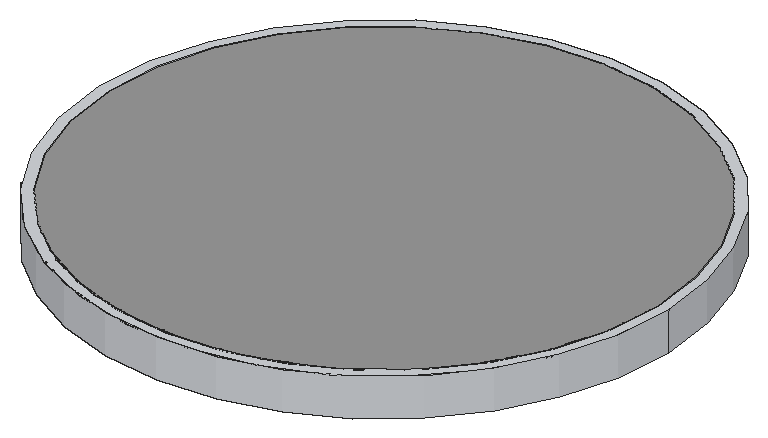
Revit family "2071251", category Lighting Fixtures, host Face, Revit 2018
Family settings
  Host = Face
  Round Connector Dimension = Use Diameter
  Part Type = Normal
  OmniClass Number = 23.80.70.00
  OmniClass Title = Lighting
  Cut with Voids When Loaded = No
  Light Source = Yes
  Shared = No
  Room Calculation Point = No
Parameters (values of type "2071251 COLOSSAL 900 940 OP DIR WHT SSA02")
  iner diameter = 856 mm
  Weight = "n/a"
  Wattage Comments = ""
  Wattage = 30 W
  WarrantyStartDate [instance] = "n/a"
  WarrantyGuarantorParts = "n/a"
  WarrantyDurationUnit = "n/a"
  WarrantyDurationParts = ""
  WarrantyDescription = "http://www.sylvania-lighting.com"
  built-in parameter 1150110 = 1 (stored number, unit not read)
  Voltage = 230 V
  URL = "0.95"
  TypeName = "COLOSSAL 900mm 940 OPAL DIR WHITE SSA02"
  Type Image = <None>
  Type Comments = "n/a"
  built-in parameter 1114217 = 1 (stored number, unit not read)
  Tilt Angle = -90.00°
  built-in parameter 1150109 = 1 (stored number, unit not read)
  built-in parameter 1150134 = (empty or 0)
  built-in parameter 1150113 = 1 (stored number, unit not read)
  SerialNumber [instance] = "n/a"
  Photometric Web File = "2071251.ies"
  Material_3_SYL = LED-Sylvania
  PowerFactor = 0
  PowerConsumption = "Lighting"
  NominalLength = 888 mm
  NominalHeight = 93 mm
  NominalDepth = 888 mm
  Name = "COLOSSAL 900mm 940 OPAL DIR WHITE SSA02"
  ModelReference = Name  # "COLOSSAL 900mm 940 OPAL DIR WHITE SSA02"
  ModelNumber = "2071251"
  Model = Name  # "COLOSSAL 900mm 940 OPAL DIR WHITE SSA02"
  Material = "Feilo Sylvania"
  ManufacturerName = "121 lm/W"
  Manufacturer = ""
  LuminousEfficacy = ""
  built-in parameter 1150105 = 270.44 (stored number, unit not read)
  Lumens = 3398.4 lm
  LuminaireType = "0"
  built-in parameter 1150115 = 1 (stored number, unit not read)
  LightOutputRatio = "LED"
  built-in parameter 1150137 = (empty or 0)
  built-in parameter 1150139 = (empty or 0)
  LampsType = Lamp  # "n/a"
  LampNominalLuminous = "4000 K"
  LampMacAdamStep = "90"
  LampColourTemperature = "LED"
  LampColourRenderingIndex = "16500"
  built-in parameter 1150112 = 1 (stored number, unit not read)
  built-in parameter 1150114 = 1 (stored number, unit not read)
  Lamp = "n/a"
  Keynote = "n/a"
  InstallationDate [instance] = "n/a"
  InputVoltage = "0"
  InputNominalFrequency = "4000"
  built-in parameter 1150132 = (empty or 0)
  built-in parameter 1150102 = (empty or 0)
  built-in parameter 1150107 = 3000 (stored number, unit not read)
  built-in parameter 1150138 = (empty or 0)
  IngressProtection = "IfcLightFixtureType"
  ImpactProtectionIndex = "IfcLightFixtureType"
  built-in parameter 1150106 = 2.7044 (stored number, unit not read)
  IfcExportType = "IfcLightFixtureType"
  IfcExportAs = "Class I"
  Emit from Circle Diameter = 385 mm
  Emit Shape Visible in Rendering = no
  ElectricShockClassification = "121"
  built-in parameter 1150104 = 10.524 (stored number, unit not read)
  DocumentationLiterature = "http://www.sylvania-lighting.com/product/en-int/products/2071251"
  DimmingControlOptions = "n/a"
  Material_2_SYL = Polycarbonate_Sylvania_White
  Dimming Lamp Color Temperature Shift = <None>
  Description = "900mm diameter circular architectural luminaire, can be surface mounted or suspended. Powder coated aluminium housing (RAL9016) with polycarbonate opal diffuser. Direct light distribution, 9275lm luminuous flux, 76.8W system power, 121lm/W luminiaire efficacy. Sylsmart Connected enabled. Colour rendering index Ra >90, 4000K Neutral White LED, chromaticity tolerance of 3-step MacAdam ellipse. IP40/IP20, IK03. 450mA drive current. Electrical protection Class1, 220-240V. Reported lifetime 66k hours L90B10."
  Default Elevation = 1219.2 mm
  CreatedOn = "23/03/2022"
  CreatedBy = "@sylvania-lighting.com"
  Cost = 0
  Color Filter = 16777215
  built-in parameter 1114216 [instance] = (empty or 0)
  ClassificationValue = "EF_70_80"
  ClassificationName = "Uniclass2015"
  Material_1_SYL = Polycarbonate_Sylvania_Opal
  BarCode [instance] = "n/a"
  built-in parameter 1114218 = 1 (stored number, unit not read)
  built-in parameter 1150133 = 10 (stored number, unit not read)
  AssetType = "Fixed"
  AssetIdentifier [instance] = "n/a"
  Assembly Code = "D5020200"
  Apparent Load = 76.8 VA
  Material_4_SYL = none
Reference planes
  plane 1 "Center (Front/Back)": y = 0
  plane 2: z = 0
  plane 3 "Center (Left/Right)": x = 0
  plane 4: z = 1.161
  plane 5: z = 16.161
  plane 6: x = -444
  plane 7: x = 444
  plane 8: y = 444
  plane 9: y = -444
  plane 10: y = 236
  plane 11: y = -236
  plane 12: x = 85
  plane 13: x = -85
  plane 14: through (0, 0, 1219.2) normal (0.5, 0.866, 0)
  plane 15: through (42.5, 73.612, 1219.2) normal (0.5, 0.866, 0)
  plane 16: through (-42.5, -73.612, 1219.2) normal (0.5, 0.866, 0)
  plane 17: through (0, 0, 1219.2) normal (0.5, -0.866, 0)
  plane 18: through (-42.5, 73.612, 1219.2) normal (0.5, -0.866, 0)
  plane 19: through (42.5, -73.612, 1219.2) normal (0.5, -0.866, 0)
  plane 20: z = 93
  plane 21: y = 428
  plane 22: y = -428
Forms (mm)
  Extrusion 1, solid, detail levels medium+fine
    sketch origin (0, 0, 0) x (0.866025, -0.5, 0) y (0.5, 0.866025, 0)
      loop
        circle (-50, 86.603) r 22
    from 0 to 2
  Extrusion 2, solid, detail levels medium+fine
    sketch origin (0, 0, 0) x (0.866025, -0.5, 0) y (0.5, 0.866025, 0)
      loop
        circle (100, 0) r 22
      loop
        circle (-50, -86.603) r 22
    from 0 to 2
  Blend 3, solid, detail levels medium+fine
    base sketch origin (0, 0, 0) x (1, 0, 0) y (0, 1, 0)
      loop
        line (-85, 236) -> (-246.882, -44.388) -> (-161.882, -191.612) -> (161.882, -191.612) -> (246.882, -44.388) -> (85, 236) -> (-85, 236)
    top sketch origin (0, 0, 0) x (1, 0, 0) y (0, 1, 0)
      loop
        line (-85, 283.076) -> (-287.651, -67.926) -> (-207.792, -218.119) -> (207.792, -218.119) -> (292.5, -71.401) -> (85, 283.076) -> (-85, 283.076)
    from 0 to 33.022
  Extrusion 4, solid, detail levels medium+fine
    sketch origin (0, 0, 0) x (1, 0, 0) y (0, 1, 0)
      loop
        circle (0, 0) r 444
    from 33.022 to 93
  Extrusion 5, void
    sketch origin (0, 0, 0) x (1, 0, 0) y (0, 1, 0)
      loop
        circle (0, 0) r 428
    from 96.588 to 37.292
  Extrusion 6, solid, material "Glass, White, High Luminance", detail levels fine
    sketch origin (0, 0, 0) x (1, 0, 0) y (0, 1, 0)
      loop
        circle (0, 0) r 428
    from 87.991 to 93
  Extrusion 7, solid, detail levels coarse
    sketch origin (0, 0, 0) x (1, 0, 0) y (0, 1, 0)
      loop
        line (-444, 444) -> (-444, -444) -> (444, -444) -> (444, 444) -> (-444, 444)
    from 0 to 93.648
Cuts and joins
  Extrusion 5 cuts Extrusion 1
  Extrusion 5 cuts Extrusion 2
  Extrusion 5 cuts Blend 3
  Extrusion 5 cuts Extrusion 4
Lines and regions (mm)
  model lines, detail levels medium+fine
    curve 1: circle (0, 0, 0) r 100 normal (0, 0, 1)
Dimensions and locks
  "NominalDepth": plane 8 to plane 9
  plane 8 to plane 1 "Center (Front/Back)" to plane 9 = 444 mm, 444 mm
  "NominalLength": plane 6 to plane 7
  equal spacing: plane 6, plane 3 "Center (Left/Right)", plane 7
  "NominalHeight": level to plane 20
  "iner diameter": plane 21 to plane 22
  equal spacing: plane 21, plane 1 "Center (Front/Back)", plane 22
  aligned and locked: plane 2 to host face
  aligned and locked: level to host face
Automatic sketch dimensions
  host sketch curve to host sketch curve = 2438.4 mm  (x2)
  Extrusion 1 sketch curve to plane 3 "Center (Left/Right)" = 0 mm
  Extrusion 1 sketch curve to plane 1 "Center (Front/Back)" = 100 mm
  plane 1 "Center (Front/Back)" to Extrusion 2 sketch curve = 50 mm
  Extrusion 2 sketch curve to plane 3 "Center (Left/Right)" = 86.603 mm
  Extrusion 2 sketch curve to Extrusion 2 sketch curve = 150 mm
  Extrusion 2 sketch curve to Extrusion 2 sketch curve = 86.603 mm
  plane 1 "Center (Front/Back)" to curve 1 = 0 mm
  curve 1 to plane 3 "Center (Left/Right)" = 0 mm
  plane 18 to Blend 3 sketch curve = 0 mm  (x2)
  plane 19 to Blend 3 sketch curve = 0 mm  (x2)
  Blend 3 sketch curve to plane 10 = 0 mm
  Blend 3 sketch curve to plane 13 = 0 mm  (x2)
  Blend 3 sketch curve to plane 12 = 0 mm  (x2)
  Blend 3 sketch curve to plane 16 = 0 mm  (x2)
  Blend 3 sketch curve to plane 15 = 0 mm
  plane 11 to Blend 3 sketch curve = 44.388 mm
  plane 1 "Center (Front/Back)" to Blend 3 sketch curve = 44.388 mm  (x2)
  plane 11 to Blend 3 sketch curve = 17.881 mm
  plane 1 "Center (Front/Back)" to Blend 3 sketch curve = 67.926 mm
  plane 1 "Center (Front/Back)" to Blend 3 sketch curve = 71.401 mm
  Blend 3 sketch curve to plane 7 = 151.5 mm
  plane 10 to Blend 3 sketch curve = 47.076 mm
  plane 1 "Center (Front/Back)" to Extrusion 4 sketch curve = 0 mm
  Extrusion 4 sketch curve to plane 3 "Center (Left/Right)" = 0 mm
  plane 1 "Center (Front/Back)" to Extrusion 5 sketch curve = 0 mm
  Extrusion 5 sketch curve to plane 3 "Center (Left/Right)" = 0 mm
  plane 1 "Center (Front/Back)" to Extrusion 6 sketch curve = 0 mm
  Extrusion 6 sketch curve to plane 3 "Center (Left/Right)" = 0 mm
  Extrusion 7 sketch curve to plane 6 = 0 mm
  Extrusion 7 sketch curve to plane 7 = 0 mm
  Extrusion 7 sketch curve to plane 9 = 0 mm
  Extrusion 7 sketch curve to plane 8 = 0 mm
  radius of Extrusion 1 sketch curve = 22 mm
  radius of Extrusion 2 sketch curve = 22 mm  (x2)
  radius of curve 1 = 100 mm
  radius of Extrusion 4 sketch curve = 444 mm
  radius of Extrusion 5 sketch curve = 428 mm
  radius of Extrusion 6 sketch curve = 428 mm
Connectors
  electrical at (0, 0, 0), driven by "Apparent Load", driven by "PowerFactor", driven by "Voltage"
    settings: index 1, voltage 230 V, apparent load 76.8 VA, apparent load phase1 0 VA, apparent load phase2 0 VA, apparent load phase3 0 VA, power factor 0, load classification "Lighting", number of poles 1, system type 30, power factor state 1, is connector primary yes, connector utility no, sub classification motor no, connector description ""
